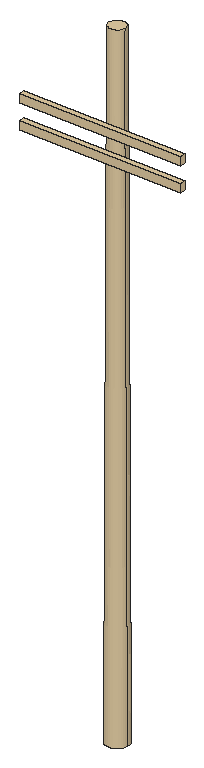
Revit family "b6cba7d395374f5cace7d62b6ed3e38f", category Site, Revit 2021
Family settings
  Round Connector Dimension = Use Diameter
  Part Type = Normal
  Seek Item ID = Utility Pole-0000-USA-ENU
  Work Plane-Based = No
  Always vertical = Yes
  Cut with Voids When Loaded = No
  Shared = No
Parameters (values of type "40'")
  Length = 40' - 0"
  Radius = 0' - 8"
  Assembly Code = "G4010200"
Types (3): name | Length | Radius
  (no name) | 40' - 0" | 0' - 8"
  70' | 70' - 0" | 0' - 11"
  40' | 40' - 0" | 0' - 8"
Reference planes (in)
  plane 1 "Center (Front/Back)": y = 0
  plane 2: z = 0
  plane 3 "Center (Left/Right)": x = 0
Forms (in)
  Blend 1, solid, material "Pine"
    base sketch origin (0, 0, 0) x (1, 0, 0) y (0, 1, 0)
      loop
        circle (0, 0) r 8
    top sketch origin (0, 0, 0) x (1, 0, 0) y (0, 1, 0)
      loop
        circle (0, 0) r 6
    from 0 to 480
  Extrusion 2, solid, material "Pine"
    sketch origin (0, 0, 480) x (0, -1, 0) y (1, 0, 0)
      loop
        line (12, -60) -> (16, -60) -> (16, 60) -> (12, 60) -> (12, -60)
    from -60 to -66
  Extrusion 3, solid, material "Pine"
    sketch origin (0, 0, 480) x (0, -1, 0) y (1, 0, 0)
      loop
        line (12, 60) -> (12, -60) -> (16, -60) -> (16, 60) -> (12, 60)
    from -78 to -84
Dimensions and locks (in)
  "Length": Blend 1 to plane 2
  "Radius": plane 3 "Center (Left/Right)" to Blend 1 sketch curve
Automatic sketch dimensions
  Blend 1 sketch curve to plane 1 "Center (Front/Back)" = 0' - 0"  (x2)
  Blend 1 sketch curve to plane 3 "Center (Left/Right)" = 0' - 0"  (x2)
  Blend 1 sketch curve to plane 3 "Center (Left/Right)" = 0' - 6"
  plane 1 "Center (Front/Back)" to Extrusion 2 sketch curve = 1' - 0"
  Extrusion 2 sketch curve to Extrusion 2 sketch curve = 0' - 4"
  Extrusion 2 sketch curve to plane 3 "Center (Left/Right)" = 5' - 0"
  plane 3 "Center (Left/Right)" to Extrusion 2 sketch curve = 5' - 0"
  plane 1 "Center (Front/Back)" to Extrusion 3 sketch curve = 1' - 0"
  Extrusion 3 sketch curve to Extrusion 3 sketch curve = 0' - 4"
  Extrusion 3 sketch curve to plane 3 "Center (Left/Right)" = 5' - 0"
  plane 3 "Center (Left/Right)" to Extrusion 3 sketch curve = 5' - 0"
